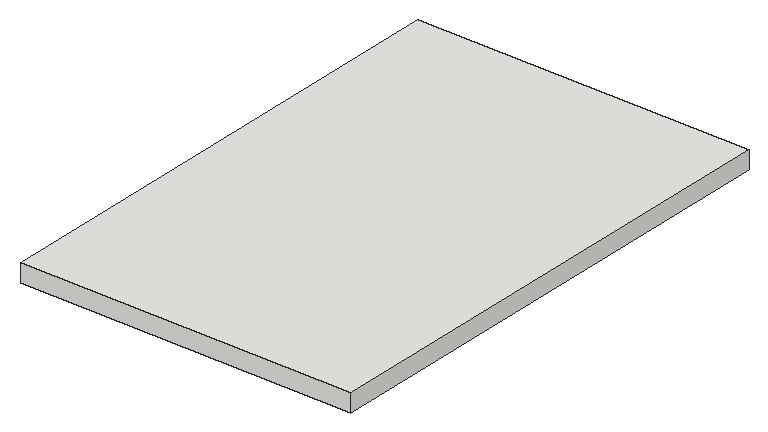
Revit family "SURVIVOR130xxWS8xxSx", category Leuchten, Revit 2024
Family settings
  Basisbauteil = Fläche
  Bemaßung runder Anschluss = Durchmesser verwenden
  Teiletyp = Normal
  OmniClass-Nummer = 23.80.70.11
  OmniClass-Titel = Luminaries for Internal Lighting
  Beim Laden mit Abzugskörper schneiden = Nein
  Lichtquelle = Ja
  Beschriftungsausrichtung beibehalten = Nein
  Gemeinsam genutzt = Nein
  Raumberechnungspunkt = Nein
Parameters (values of type "SURVIVOR130NDWS840S0500-RF")
  width = 240 mm  # constant formula
  weight = "11"
  voltage type (AC, DC, UC) = "AC"
  rated input power = 35
  product name = "SURVIVOR130NDWS840S0500-RF"
  nominal voltage = "230"
  nominal frequency = "50-60Hz"
  length = 1300 mm  # constant formula
  ingress protection (IP) code = "IP65"
  height = 73 mm  # constant formula
  electrical safety class = "1"
  control gear = ""
  conformity mark = "CE"  # constant formula
  brand = "RIDI"
  approval mark = ""
  built-in parameter 1150104 = 13.8 (stored number, unit not read)
  Wattage = 35.6802 W
  Von Breite des Rechtecks ausssenden = 1228 mm
  Von Länge des Rechtecks aussenden = 181 mm  # constant formula
  Default Elevation = 0 mm
  built-in parameter 1150113 = 1 (stored number, unit not read)
  built-in parameter 1114218 = 1 (stored number, unit not read)
  URL = "www.ridi.de"
  built-in parameter 1150134 = 12
  built-in parameter 1150109 = 1 (stored number, unit not read)
  built-in parameter 1150110 = 1 (stored number, unit not read)
  Apparent Load = 35 VA
  Tilt Angle = 90.00°
  Modell = "0622215//420"
  built-in parameter 1114217 = 1 (stored number, unit not read)
  built-in parameter 1150139 = (empty or 0)
  built-in parameter 1150105 = 421.76 (stored number, unit not read)
  built-in parameter 1150114 = 1 (stored number, unit not read)
  Lumens = 5300 lm
  built-in parameter 1150115 = 1 (stored number, unit not read)
  built-in parameter 1150112 = 1 (stored number, unit not read)
  Lampe = "LED"
  Hersteller = "RIDI Leuchten GmbH"  # constant formula
  Dimming Lamp Color Temperature Shift = (empty or 0)
  Color Filter = 16777215
  built-in parameter 1150133 = 10 (stored number, unit not read)
  Emit Shape Visible in Rendering = no
  built-in parameter 1150137 = (empty or 0)
  built-in parameter 1150132 = 2
  Datei für fotometrisches Netz = "SURVIVOR160DAWS840S0700.IES"
  Copyright = "© RIDI. All rights reserved."  # constant formula
  built-in parameter 1150106 = 4.2176 (stored number, unit not read)
  Baugruppenkennzeichen = "D5020200"
  built-in parameter 1150107 = 4000 (stored number, unit not read)
  built-in parameter 1150102 = (empty or 0)
  built-in parameter 1150138 = (empty or 0)
Types (5, lengths in mm): name | product name | Wattage | built-in parameter 1150134 | Modell | built-in parameter 1150105 | Lumens | built-in parameter 1150106 | built-in parameter 1150107
  (no name) | "SURVIVOR130NDWS840S0500-RF" | 35.6802 W | 12 | "0622215//420" | 421.76 (stored number, unit not read) | 5300 lm | 4.2176 (stored number, unit not read) | 4000 (stored number, unit not read)
  SURVIVOR130DAWS830S0500 | "SURVIVOR130DAWS830S0500" | 34.9396 W | (empty or 0) | "0632211" | 413.01 (stored number, unit not read) | 5190 lm | 4.1301 (stored number, unit not read) | 3000 (stored number, unit not read)
  SURVIVOR130NDWS830S0500-RF | "SURVIVOR130NDWS830S0500-RF" | 33.6605 W | (empty or 0) | "0622211//420" | 397.89 (stored number, unit not read) | 5000 lm | 3.9789 (stored number, unit not read) | 3000 (stored number, unit not read)
  SURVIVOR130DAWS840S0500 | "SURVIVOR130DAWS840S0500" | 36.8919 W | 12 | "0632215" | 436.08 (stored number, unit not read) | 5480 lm | 4.3608 (stored number, unit not read) | 4000 (stored number, unit not read)
  SURVIVOR130NDWS840S0500-RF | "SURVIVOR130NDWS840S0500-RF" | 35.6802 W | 12 | "0622215//420" | 421.76 (stored number, unit not read) | 5300 lm | 4.2176 (stored number, unit not read) | 4000 (stored number, unit not read)
Reference planes
  plane 1 "Mitte (Vorne/hinten)": y = 0
  plane 2: z = 0
  plane 3 "Mitte (Links/rechts)": x = 0
  plane 4: z = 1200
Forms (mm)
  Extrusion 1, solid
    sketch origin (219.2, 280.8, 0) x (1, 0, 0) y (0, 1, 0)
      loop
        line (-1219.2, 1219.2) -> (-1219.2, -1780.8) -> (780.8, -1780.8) -> (780.8, 1219.2) -> (-1219.2, 1219.2)
    from 0 to -107.307
Dimensions and locks
  plane 4 to Extrusion 1 = 1200 mm
  aligned and locked: plane 2 to Extrusion 1
  aligned and locked: level to Extrusion 1
Connectors
  electrical at (53.526, -623.988, 0.508), driven by "Apparent Load"
    settings: on import instance, index 1, voltage 230 V, apparent load 0 VA, apparent load phase1 35 VA, apparent load phase2 0 VA, apparent load phase3 0 VA, power factor 1, load classification "Lighting", number of poles 1, system type 31, power factor state 1, is connector primary yes, connector utility no, sub classification motor no, connector description ""
